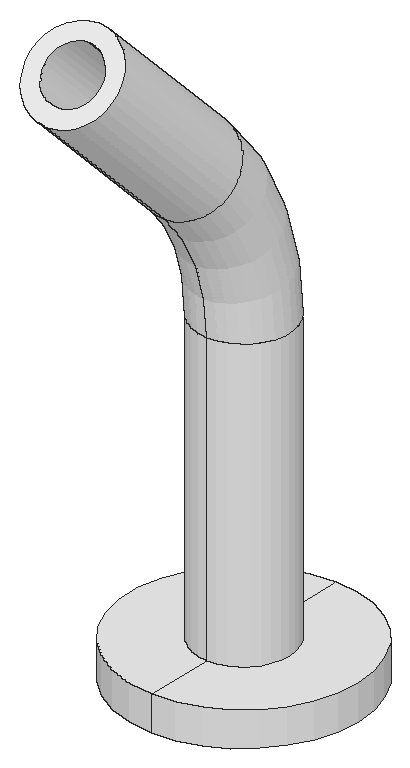
Revit family "Shower_Arm-Modern-American_Standard-1660.241_Series", category Plumbing Fixtures, host Face, Revit 2019
Family settings
  Host = Face
  Round Connector Dimension = Use Diameter
  Part Type = Normal
  OmniClass Number = 23.45.05.14.17
  OmniClass Title = Showers
  Cut with Voids When Loaded = No
  Shared = Yes
  Room Calculation Point = No
Parameters (values of type "1660.241.002")
  Width = 2"
  Water Connection Radius = 1/4"
  Water Connection Diameter = 1/2"
  Waste Connection = no
  WFU = 4
  Vent Connection = no
  URL = "https://www.americanstandard-us.com/"
  Type Comments = ""
  Revised Date = "05/12/2021"
  Product Page URL = "https://www.americanstandard-us.com/bathroom/shower-faucets/modern-shower-arm-16996"
  Product Documentation Link = "https://www.americanstandard-us.com/-/media/sites/asus/files/product-specs/bulk/specsheet1660241.pdf?la=en"
  Price = "Prices may vary. Please consult Manufacturer Representative for most up-to-date price list."  # constant formula
  Model = "1660.241.002"
  Material = "Brass-American Standard-002-Polished Chrome"
  Manufacturer = "American Standard"
  Length = 5 1/2"
  Installation Type = "Wall Mounted"  # constant formula
  HWFU = 3
  HW Connection = yes
  Finish = Brass-American Standard-002-Polished Chrome
  Description = "Modern Shower Arm"  # constant formula
  Default Elevation = 78"  # constant formula
  Creation Date = "01/25/2018"  # constant formula
  CWFU = 3
  CW Connection = yes
  Assembly Code = "D2010700"
Types (5): name | Model | Material | Finish
  (no name) | "1660.241.002" | "Brass-American Standard-002-Polished Chrome" | Brass-American Standard-002-Polished Chrome
  1660.241.002 | "1660.241.002" | "Brass-American Standard-002-Polished Chrome" | Brass-American Standard-002-Polished Chrome
  1660.241.295 | "1660.241.295" | "Brass-American Standard-295-Brushed Nickel" | Brass-American Standard-295-Brushed Nickel
  1660.2441.013 | "1660.241.013" | "Brass-American Standard-013-Polished Nickel" | Brass-American Standard-013-Polished Nickel
  1660.241.278 | "1660.241.278" | "Brass-American Standard-278-Legacy Bronze" | Brass-American Standard-278-Legacy Bronze
Reference planes (in)
  plane 1 "Center (Front/Back)": y = 0
  plane 2: z = 0
  plane 3 "Center (Left/Right)": x = 0
  plane 4: z = 5.5
  plane 5: y = 0.25
  plane 6: y = -0.25
  plane 7: y = -1
  plane 8: y = 1
  plane 9: through (0, -1.85629, 5.5) normal (0, -0.7071, -0.7071)
Forms (in)
  Revolve 1, solid, material "Brass-American Standard-002-Polished Chrome" <- "Finish"
    sketch origin (0, 0, 0) x (0, 1, 0) y (0, 0, 1)
      loop
        line (0, 0) -> (0, 0.3) -> (-1, 0.3) -> (-1, 0) -> (0, 0)
      axis (0, 0.3) -> (0, 0)
    angle from 0 to 360
  Sweep 2, solid, material "Brass-American Standard-002-Polished Chrome" <- "Finish"
    path origin (0, 0, 0) x (0, 1, 0) y (0, 0, 1)
      loop
        line (0, 0) -> (0, 2.81528)
        arc (0, 2.81528) -> (-0.15224, 3.58065) -> (-0.58579, 4.22949) r 2
        line (-0.58579, 4.22949) -> (-1.85629, 5.5)
    profile origin (0, 0, 1.40764) x (0, -1, 0) y (1, 0, 0)
      loop
        circle (0, 0) r 0.4
      loop
        circle (0, 0) r 0.25
Cuts and joins
  joined: Revolve 1, Sweep 2
Lines and regions (in)
  Masking region 1
    outline origin (0, 0, 0) x (1, 0, 0) y (0, 0, 1)
      loop
        spline (0.4, 5.5) -> (0.38637, 5.57321) -> (0.34641, 5.64142) -> (0.28284, 5.7) -> (0.2, 5.74495) -> (0.10353, 5.77321) -> (0, 5.78284) -> (-0.10353, 5.77321) -> (-0.2, 5.74495) -> (-0.28284, 5.7) -> (-0.34641, 5.64142) -> (-0.38637, 5.57321) -> (-0.4, 5.5)
        line (-0.4, 5.5) -> (-0.4, 0.3) -> (-1, 0.3) -> (-1, 0) -> (1, 0) -> (1, 0.3) -> (0.4, 0.3) -> (0.4, 5.5)
  symbolic lines, detail levels medium+fine
    curve 1: line (-0.4, 0, 0.3) -> (0.4, 0, 0.3)
Dimensions and locks (in)
  "Length": plane 2 to plane 4
  "Width": plane 8 to plane 7
  angle plane 9 to plane 1 "Center (Front/Back)" = 45.00°
  aligned and locked: plane 2 to host face
  aligned and locked: level to host face
  aligned and locked: Revolve 1 sketch curve to plane 1 "Center (Front/Back)"
Automatic sketch dimensions
  host sketch curve to host sketch curve = 96"  (x2)
  plane 4 to Sweep 2 sketch curve = 0"
  plane 9 to Sweep 2 sketch curve = 0"  (x2)
  Sweep 2 sketch curve to plane 1 "Center (Front/Back)" = 0"
  Sweep 2 sketch curve to level = 0"
  plane 7 to Sweep 2 sketch curve = 1"
  plane 6 to Sweep 2 sketch curve = 0.33579"
  Sweep 2 sketch curve to Sweep 2 sketch curve = 0"  (x2)
  Sweep 2 sketch curve to plane 3 "Center (Left/Right)" = 0"
  Sweep 2 sketch curve to profile plane = 0"
  Revolve 1 sketch curve to plane 7 = 0"
  Revolve 1 sketch curve to level = 0"
  Revolve 1 sketch curve to plane 1 "Center (Front/Back)" = 0"
  Revolve 1 sketch curve to Revolve 1 sketch curve = 0.3"
  Revolve 1 sketch curve to level = 0.41882"
  Revolve 1 sketch curve to Revolve 1 sketch curve = 1.13483"
  Masking region 1 sketch curve to level = 0"
  Masking region 1 sketch curve to plane 4 = 0"
  Masking region 1 sketch curve to plane 3 "Center (Left/Right)" = 0"
  Masking region 1 sketch curve to Masking region 1 sketch curve = 0.4"
  Masking region 1 sketch curve to Masking region 1 sketch curve = 0.6"  (x2)
  level to Masking region 1 sketch curve = 0.3"
  Masking region 1 sketch curve to Masking region 1 sketch curve = 0.3"
  curve 1 to plane 3 "Center (Left/Right)" = 0.4"
  level to curve 1 = 0.3"
  plane 3 "Center (Left/Right)" to curve 1 = 0.4"
  radius of Sweep 2 sketch curve = 0.4"
  radius of Sweep 2 sketch curve = 1/4"
Connectors (in)
  piping at (0, 0, 0), diameter 0.5, driven by "Water Connection Diameter"
    settings: on cut or joined group of Revolve 1, Sweep 2, index 1, connector inside diameter 24", connector length 0", flow factor 0, pipe flow 0 GPM, pressure drop 0.00 psi, fitting loss kfactor 0, connector angle 0.00°, fixture units 0, engagement length 0", angle of deflection 0.00°, flow configuration 0, flow direction 1, fitting loss method 0, system type 29, joint type 0, gender type 0, connector reference index -1, connector utility 0, adjustable connector no, is connector primary yes, connector description "1/2\" NPT Inlet Connection"
